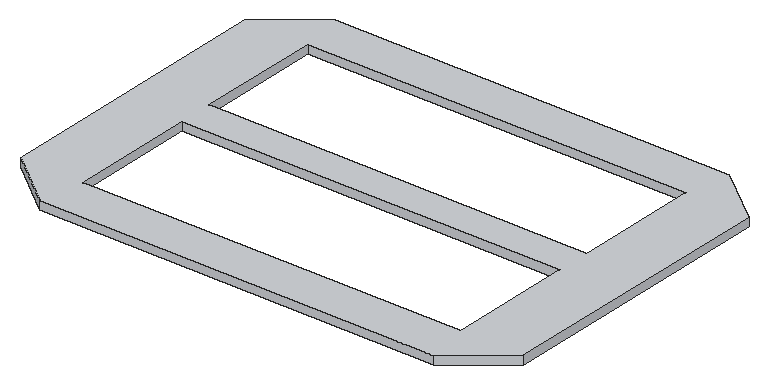
Revit family "Domotics-DomesticRanges-GEWISS-SYSTEM_PLATES_SUPPORT_DOUBLE", category Apparecchi elettrici, Revit 2016
Family settings
  Mantenere orientamento annotazione = Sì
  Tipo di parte = Normale
  Quota connettore circolare = Usa diametro
  Basato su piano di lavoro = Sì
  Sempre verticale = Sì
  Taglio con vuoti quando caricato = No
  Condiviso = Sì
  Punto di calcolo locali = Sì
Parameters (values of type "GW24241 - 12 GANG SUPPORT FOR SYSTEM-VIRNA PLATE")
  Version file RFA = "19.4"
  URL = "https://www.gewiss.com/ww/en"
  Technical sheet = "https://www.gewiss.com/ww/en/search?q=GW24241"
  SEO = "Support"
  Realized by GEWISS S.p.A. = ""
  Produttore = "GEWISS S.p.A."
  Modello = "GW24241"
  Immagine tipo = <Nessuno>
  Larghezza supporto = 184.00 mm
  Larghezza foro = 138.00 mm
  Prospetto di default = 1219.20 mm
  Materiale supporto = GEWISS - ACCIAIO SUPPORTO
  IDT = "9cd5ad26-df35-4942-9ec7-442b70415c37"
  IDF = "0c3e690f-6b00-47a6-823b-121b99ea53ec"
  Fixing = "4 screws (included)"
  Electrocod = "0121                "
  EAN code = "8011564130128"
  Descrizione = "12 GANG SUPPORT FOR SYSTEM/VIRNA PLATE"
  Description: = "6+6 gang"
  Configuration = "Overlapping"
  Characteristics = "Halogen free"
  Catalogue Range = "40 CDE"
  Catalogue = "BUILDING"
  COBie.Tagnumber = ""
  COBie.CreatedOn = ""
  COBie.CreatebBy = ""
  COBie.ComponentRegisterItemID = ""
  COBie.Component.TagNumber = ""
  COBie.Component.Space = ""
  COBie.Component.SerialNumber = ""
  COBie.Component.InstallationDate = ""
  COBie.Component.Description = ""
  COBie.Component.BarCode = ""
  Altezza supporto = 135.00 mm
  Altezza foro = 45.00 mm
Types (2, lengths in mm): name | Technical sheet | Modello | Larghezza supporto | Larghezza foro | IDT | EAN code | Descrizione | Description:
  GW24240 - 8 GANG SUPPORT FOR SYSTEM-VIRNA PLATE | "https://www.gewiss.com/ww/en/search?q=GW24240" | "GW24240" | 138.00 | 92.00 | "67ae3b95-60cd-44cc-829f-41e115e32d5f" | "8011564130111" | "8 GANG SUPPORT FOR SYSTEM/VIRNA PLATE" | "4+4 gang"
  GW24241 - 12 GANG SUPPORT FOR SYSTEM-VIRNA PLATE | "https://www.gewiss.com/ww/en/search?q=GW24241" | "GW24241" | 184.00 | 138.00 | "9cd5ad26-df35-4942-9ec7-442b70415c37" | "8011564130128" | "12 GANG SUPPORT FOR SYSTEM/VIRNA PLATE" | "6+6 gang"
Reference planes
  plane 1 "Centro (Fronte/Retro)": y = 0
  plane 2: z = 0
  plane 3 "Centro (Sinistra/Destra)": x = 0
  plane 4: z = 3
  plane 5: y = 51.25
  plane 6: y = -51.25
  plane 7: x = 92
  plane 8: x = -92
  plane 9: y = 67.5
  plane 10: y = -67.5
  plane 11: x = -69
  plane 12: x = 69
  plane 13: y = -6.25
  plane 14: y = 6.25
Forms (mm)
  Extrusion 1, solid
    sketch origin (0, 0, 0) x (1, 0, 0) y (0, 1, 0)
      loop
        line (-92, 51.25) -> (-92, -51.25) -> (-72, -67.5) -> (72, -67.5) -> (92, -51.25) -> (92, 51.25) -> (72, 67.5) -> (-72, 67.5) -> (-92, 51.25)
      loop
        line (-69, 51.25) -> (-69, 6.25) -> (69, 6.25) -> (69, 51.25) -> (-69, 51.25)
      loop
        line (-69, -6.25) -> (-69, -51.25) -> (69, -51.25) -> (69, -6.25) -> (-69, -6.25)
    from 0 to 3
Dimensions and locks
  locked: plane 4 to plane 2 at 3
  "Larghezza foro": plane 11 to plane 12
  equal spacing: plane 11, plane 3 "Centro (Sinistra/Destra)", plane 12
  "Larghezza supporto": plane 8 to plane 7
  equal spacing: plane 8, plane 3 "Centro (Sinistra/Destra)", plane 7
  "Altezza supporto": plane 9 to plane 10
  equal spacing: plane 9, plane 1 "Centro (Fronte/Retro)", plane 10
  locked: plane 14 to plane 13 at 12.5
  equal spacing: plane 14, plane 1 "Centro (Fronte/Retro)", plane 13
  "Altezza foro": plane 5 to plane 14
  "Altezza foro": plane 13 to plane 6
  aligned and locked: level to plane 2
  aligned and locked: Extrusion 1 sketch curve to plane 9
  aligned and locked: plane 10 to Extrusion 1 sketch curve
  aligned and locked: plane 8 to Extrusion 1 sketch curve
  aligned and locked: Extrusion 1 sketch curve to plane 5
  aligned and locked: plane 11 to Extrusion 1 sketch curve  (x2)
  aligned and locked: Extrusion 1 sketch curve to plane 12  (x2)
  aligned and locked: plane 4 to Extrusion 1
  aligned and locked: Extrusion 1 to plane 8
  aligned and locked: plane 7 to Extrusion 1
  aligned and locked: plane 14 to Extrusion 1 sketch curve
  aligned and locked: Extrusion 1 sketch curve to plane 13
  aligned and locked: plane 6 to Extrusion 1 sketch curve
Automatic sketch dimensions
  Extrusion 1 sketch curve to plane 5 = 0.00 mm  (x2)
  Extrusion 1 sketch curve to plane 6 = 0.00 mm  (x2)
  Extrusion 1 sketch curve to plane 7 = 0.00 mm
  Extrusion 1 sketch curve to plane 11 = 3.00 mm  (x2)
  plane 12 to Extrusion 1 sketch curve = 3.00 mm  (x2)
